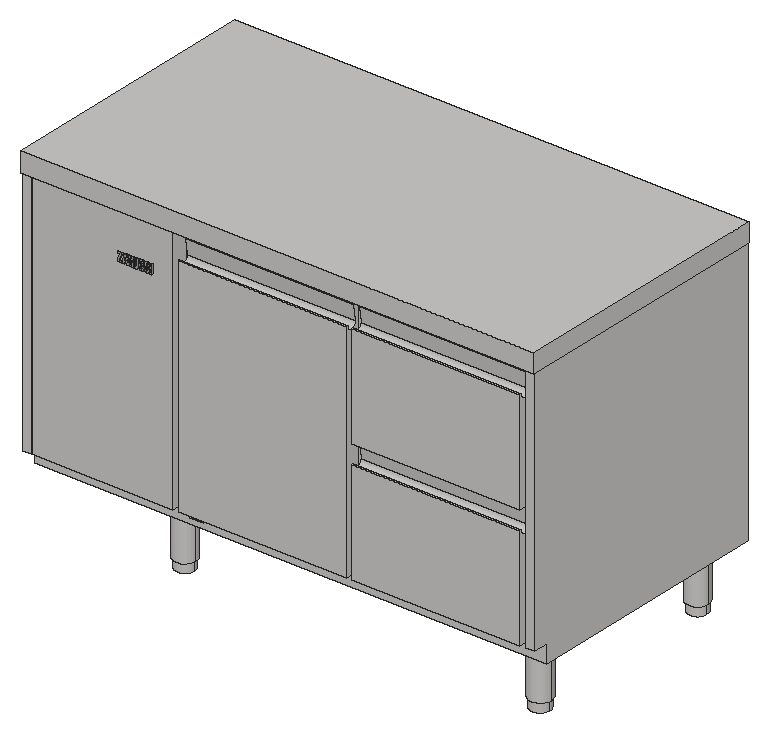
Revit family "QF_ZANUSSI_111025_ZH2HBAB", category Specialty Equipment, Revit 2018
Family settings
  Round Connector Dimension = Use Diameter
  Part Type = Normal
  Work Plane-Based = No
  Always vertical = Yes
  Cut with Voids When Loaded = No
  Shared = No
  Room Calculation Point = No
Parameters
  Weight = 0.00 kg
  Watts = 0.0232258 W
  Volts = 220 V
  URL Manufacturer = "http://www.zanussiprofessional.com/"
  URL = "http://www.zanussiprofessional.com/"
  Steam Supply Size = 0 mm
  Steam Supply Minimum Pressure = 0.0 Pa
  Steam Supply Maximum Pressure = 0.0 Pa
  Steam Pounds per Hour = 0
  Show Logo [instance] = yes
  Show Clearance [instance] = yes
  Refrigeration Suction Line Size = 0 mm
  Refrigeration Liquid Line Size = 0 mm
  Refrigerant Compressor Remote = yes
  Manufacturer = "Zanussi"
  Phase = 1
  Model = "ZH2HBAB"
  Length Actual = 1345 mm  # constant formula
  Item Number = "111025"
  Hot Water Size = 0 mm
  Height Actual = 900 mm  # constant formula
  HP = "0.3 HP"
  Gas Size = 0 mm
  Gas KW = 0
  Gas Input Pressure = 0 W
  Description = "1 DOOR 2 DRAWERS REFRIGER.TABLE 290L"
  Depth Actual = 700 mm  # constant formula
  Cycle = 50 Hz
  Condensate Return Size = 0 mm
  Compressed Air Volume = 0.0 L/s
  Compressed Air Size = 0 mm
  Compressed Air Pressure = 0.0 Pa
  Cold Water Size = 0 mm
  Accessory = yes
Reference planes
  plane 1 "Center X": y = 182.5
  plane 2: z = 0
  plane 3 "Center Y": x = -126.5
  plane 4: y = -62.5
  plane 5: y = 451.5
  plane 6 "BACK": y = 532.5
  plane 7 "FRONT": y = -167.5
  plane 8: x = -452
  plane 9: x = 478
  plane 10: z = 150
  plane 11 "TOP": z = 900
  plane 12: z = 850
  plane 13 "LEFT": x = -797
  plane 14 "RIGHT": x = 544
  plane 15: x = -799
  plane 16: x = 546
Forms (mm)
  Extrusion 1, solid, material "QF_Finishes_Stainless Steel"
    sketch origin (-126.5, 2, 0) x (0, 1, 0) y (0, 0, 1)
      loop
        line (530.5, 150) -> (530.5, 850) -> (-124.5, 850) -> (-124.5, 150) -> (530.5, 150)
    from -670.5 to 670.5
  Extrusion 2, solid, material "QF_Finishes_Stainless Steel"
    sketch origin (-1022.223, -1524, 150) x (-1, 0, 0) y (0, -1, 0)
      loop
        line (-225.223, -1361.5) -> (-250.223, -1361.5) -> (-250.223, -1401.5) -> (-225.223, -1401.5) -> (-225.223, -1361.5)
      loop
        line (-1566.223, -1401.5) -> (-1541.223, -1401.5) -> (-1541.223, -1361.5) -> (-1566.223, -1361.5) -> (-1566.223, -1401.5)
    from 47 to 700
  Extrusion 3, solid, material "QF_Finishes_Stainless Steel"
    sketch origin (0, 0, 900) x (-1, 0, 0) y (0, -1, 0)
      loop
        circle (-57, -94.5) r 8.45
    from -790.577 to -750
  Extrusion 4, solid, material "QF_Finishes_Stainless Steel"
    sketch origin (0, 0, 0) x (1, 0, 0) y (0, 1, 0)
      loop
        circle (-713, 451.5) r 4
    from 109.423 to 150
  Extrusion 5, solid, material "QF_Finishes_Stainless Steel"
    sketch origin (-126.5, 0, 0) x (0, 1, 0) y (0, 0, 1)
      loop
        line (-167.5, 900) -> (-167.5, 850) -> (532.5, 850) -> (532.5, 900) -> (-167.5, 900)
    from 672.5 to -672.5
Cuts and joins
  joined: Extrusion 1, Extrusion 2
Lines and regions (mm)
  symbolic lines, style "SpecialityEquipmentHiddenLines"
    curve 1: line (-799, -122.5, 900) -> (546, -122.5, 900)
    curve 2: line (-396, -167.5, 900) -> (-396, -122.5, 900)
  symbolic lines, style "SpecialityEquipment"
    curve 3: line (-799, 532.5, 900) -> (546, 532.5, 900)
    curve 4: line (-799, 532.5, 900) -> (-799, -167.5, 900)
    curve 5: line (-799, -167.5, 900) -> (546, -167.5, 900)
    curve 6: line (546, -167.5, 900) -> (546, 532.5, 900)
Dimensions and locks
  locked: plane 6 "BACK" to plane 7 "FRONT" at 700
  equal spacing: plane 6 "BACK", plane 1 "Center X", plane 7 "FRONT"
  locked: plane 6 "BACK" to plane 5 at 81
  plane 10 to level = 150 mm
  plane 11 "TOP" to plane 12 to plane 10 = 50 mm locked, 700 mm locked
  locked: Extrusion 2 sketch curve to Extrusion 2 sketch curve at 25  (x2)
  locked: plane 4 to plane 7 "FRONT" at 105
  locked: plane 6 "BACK" to Extrusion 3 sketch curve at 438
  equal spacing: plane 13 "LEFT", plane 3 "Center Y", plane 14 "RIGHT"
  plane 15 to plane 16 = 1345 mm
  locked: plane 13 "LEFT" to plane 8 at 345
  locked: plane 9 to plane 14 "RIGHT" at 66
  locked: Extrusion 3 sketch curve to plane 14 "RIGHT" at 487
  plane 13 "LEFT" to Extrusion 4 sketch curve = 84 mm
  locked: plane 6 "BACK" to Extrusion 4 sketch curve at 81
  locked: plane 10 to Extrusion 4 at 40.577
  aligned and locked: level to plane 2
  aligned and locked: plane 10 to Extrusion 3
  aligned and locked: nested 4 to plane 4
  aligned and locked: nested 1 to plane 4
  aligned and locked: nested 3 to plane 5
  aligned and locked: nested 2 to plane 5
  aligned and locked: plane 8 to nested 1
  aligned and locked: plane 8 to nested 2
  aligned and locked: plane 9 to nested 4
  aligned and locked: plane 9 to nested 3
  aligned and locked: Extrusion 1 to Extrusion 2
  aligned and locked: Extrusion 2 to Extrusion 1
  aligned and locked: Extrusion 2 sketch curve to plane 14 "RIGHT"
  aligned and locked: plane 13 "LEFT" to Extrusion 2 sketch curve
  aligned and locked: cut or joined group of Extrusion 1, Extrusion 2 to plane 10
  aligned and locked: plane 12 to cut or joined group of Extrusion 1, Extrusion 2
  aligned and locked: plane 10 to Extrusion 4
  aligned and locked: Extrusion 5 sketch curve to plane 11 "TOP"
  aligned and locked: plane 7 "FRONT" to Extrusion 5 sketch curve
  aligned and locked: Extrusion 5 sketch curve to cut or joined group of Extrusion 1, Extrusion 2  (x2)
  aligned and locked: Extrusion 5 to curve 3
Automatic sketch dimensions
  plane 7 "FRONT" to Extrusion 2 sketch curve = 45 mm  (x2)
  plane 7 "FRONT" to Extrusion 2 sketch curve = 5 mm  (x2)
  curve 2 to plane 7 "FRONT" = 0 mm
  curve 5 to plane 15 = 0 mm
  curve 3 to plane 6 "BACK" = 0 mm
  plane 8 to curve 2 = 56 mm
  plane 7 "FRONT" to curve 1 = 45 mm
  Extrusion 1 sketch curve to plane 10 = 0 mm
  Extrusion 1 sketch curve to plane 12 = 0 mm
  Extrusion 1 sketch curve to plane 6 "BACK" = 0 mm
  plane 7 "FRONT" to Extrusion 1 sketch curve = 45 mm
  radius of Extrusion 3 sketch curve = 8.45 mm
  radius of Extrusion 4 sketch curve = 4 mm
Nested families
  nested 1: "Foot_Ø50_H150" at (-452, -62.5, 0), type "Foot_Ø50_H150"
  nested 2: "Foot_Ø50_H150" at (-452, 451.5, 0), type "Foot_Ø50_H150"
  nested 3: "Foot_Ø50_H150" at (478, 451.5, 0), type "Foot_Ø50_H150"
  nested 4: "Foot_Ø50_H150" at (478, -62.5, 0), type "Foot_Ø50_H150"
  nested 5: "2 Drawers" at (285, -164.5, 0), Show Clearance <- "Show Clearance", type "2 Drawers"
  nested 6: "Door" at (-169, -164.5, 0) x (-1, 0, 0) z (0, 0, 1), Show Clearance <- "Show Clearance", type "Door"
  nested 7: "Refrigerator" at (544, -167.5, 900), type "Refrigerator"
  nested 8: "ZAN_Cooling Unit" at (-587.5, -164.5, 0), Show Logo <- "Show Logo", type "ZAN_Cooling Unit"
Connectors
  electrical at (-713, 451.5, 109.423), driven by "Volts"
    settings: on Extrusion 4, index 4, voltage 220 V, apparent load 0 VA, apparent load phase1 0 VA, apparent load phase2 0 VA, apparent load phase3 0 VA, power factor 1, load classification "Altro", number of poles 1, system type 30, power factor state 1, is connector primary yes, connector utility no, sub classification motor no, connector description "Electrical Connection"
  piping at (57, 94.5, 109.423), diameter 17
    settings: on Extrusion 3, index 5, connector inside diameter 609.6 mm, connector length 0 mm, flow factor 0, pipe flow 0.0 L/s, pressure drop 0.0 Pa, fitting loss kfactor 0, connector angle 0.00°, fixture units 0, engagement length 0 mm, angle of deflection 0.00°, flow configuration 1, flow direction 2, fitting loss method 0, system type 16, joint type 0, gender type 0, connector reference index -1, connector utility 0, adjustable connector no, is connector primary yes, connector description "Drain"
Definition of nested family "Foot_Ø50_H150"
  Reference planes
    plane 1 "Centro (Fronte/Retro)": y = 0
    plane 2: z = 0
    plane 3 "Centro (Sinistra/Destra)": x = 0
    plane 4: z = 150
  Forms (mm)
    Revolve 1, solid
      sketch origin (255.05, 0, 608.09) x (0, 0, 1) y (-1, 0, 0)
        loop
          line (-608.09, 255.05) -> (-608.09, 230.05) -> (-583.09, 230.05) -> (-583.09, 226.05) -> (-458.09, 226.05) -> (-458.09, 255.05) -> (-608.09, 255.05)
        axis (-608.09, 255.05) -> (-458.09, 255.05)
      angle from 0 to 360
  Dimensions and locks
    locked: Revolve 1 sketch curve to Revolve 1 sketch curve at 125
    aligned and locked: level to plane 2
    aligned and locked: plane 4 to Revolve 1 sketch curve
    aligned and locked: Revolve 1 sketch curve to level
    aligned and locked: plane 3 "Centro (Sinistra/Destra)" to Revolve 1 sketch curve
Definition of nested family "2 Drawers"
  Parameters
    Show Clearance [instance] = yes
  Reference planes
    plane 1 "FRONT": y = -3
    plane 2: z = 0
    plane 3 "Centro (Sinistra/Destra)": x = 0
    plane 4: z = 150
    plane 5: z = 850
    plane 6: x = -234
    plane 7: x = 234
    plane 8: x = -220
    plane 9: x = 220
  Forms (mm)
    Extrusion 1, solid
      sketch origin (0, 55, 511) x (0, 0, 1) y (0, -1, 0)
        loop
          line (314, 18) -> (314, 29) -> (274.395, 22.5)
          arc (274.395, 22.5) -> (260.395, 36.5) -> (274.395, 50.5) r 14
          line (274.395, 50.5) -> (274.395, 53) -> (5, 53) -> (5, 18) -> (314, 18)
        loop
          line (-5, 29) -> (-44.605, 22.5)
          arc (-44.605, 22.5) -> (-58.605, 36.5) -> (-44.605, 50.5) r 14
          line (-44.605, 50.5) -> (-44.605, 53) -> (-314, 53) -> (-314, 18) -> (-5, 18) -> (-5, 29)
      from -220 to 220
    Extrusion 2, solid, visible <- "Show Clearance", detail levels coarse
      sketch origin (0, -462, 511) x (0, 0, 1) y (0, -1, 0)
        loop
          line (-314, 109) -> (-314, -464) -> (-5, -464) -> (-5, 109) -> (-314, 109)
        loop
          line (314, -464) -> (314, 109) -> (5, 109) -> (5, -464) -> (314, -464)
      from -220 to 220
  Lines and regions (mm)
    symbolic lines
      curve 1: line (-190, -3, 0) -> (-190, -88, 0)
      curve 2: line (190, -88, 0) -> (190, -3, 0)
      curve 3: line (220, -88, 0) -> (-220, -88, 0)
      curve 4: line (-220, -88, 0) -> (-220, -123, 0)
      curve 5: line (-220, -123, 0) -> (220, -123, 0)
      curve 6: line (220, -123, 0) -> (220, -88, 0)
      curve 7: line (-190, -123, 0) -> (-190, -208, 0)
      curve 8: line (220, -208, 0) -> (-220, -208, 0)
      curve 9: line (-220, -208, 0) -> (-220, -243, 0)
      curve 10: line (-220, -243, 0) -> (220, -243, 0)
      curve 11: line (220, -243, 0) -> (220, -208, 0)
      curve 12: line (190, -208, 0) -> (190, -123, 0)
  Dimensions and locks
    aligned and locked: level to plane 2
Definition of nested family "Door"
  Parameters
    Show Clearance [instance] = yes
  Reference planes
    plane 1 "FRONT": y = -3
    plane 2: z = 0
    plane 3 "Centro (Sinistra/Destra)": x = 0
    plane 4: z = 150
    plane 5: z = 850
    plane 6: x = -234
    plane 7: x = 234
    plane 8: x = -220
    plane 9: x = 220
  Forms (mm)
    Extrusion 1, solid
      sketch origin (0, 53, 511) x (0, 0, 1) y (0, -1, 0)
        loop
          line (-323.003, 28.5) -> (-316.501, 28.5) -> (-316.501, 31) -> (-325.503, 31) -> (-325.503, 13.5) -> (-345.503, 13.5) -> (-345.503, 11) -> (-323.003, 11) -> (-323.003, 23.259) -> (-323.003, 28.5)
        loop
          line (-314, 27) -> (-316.501, 27) -> (-316.501, 18.501) -> (-319.752, 18.501) -> (-319.752, 16) -> (-314, 16) -> (-314, 27)
        loop
          line (315.003, 27) -> (315.003, 13.948) -> (315.003, 11) -> (327.503, 11) -> (327.503, 13.5) -> (317.503, 13.5) -> (317.503, 27) -> (315.003, 27)
      from 185 to 220
    Extrusion 2, solid, visible <- "Show Clearance", detail levels coarse
      sketch origin (0, 53, 511) x (0, -1, 0) y (1, 0, 0)
        loop
          line (51, 220) -> (51, -220)
          arc (51, -220) -> (339.234, -79.44) -> (454, 220) r 437.168
          line (454, 220) -> (51, 220)
      from -314 to 314
    Extrusion 3, solid
      sketch origin (0, 55, 511) x (0, 0, 1) y (0, -1, 0)
        loop
          line (314, 18) -> (314, 29) -> (274.395, 22.5)
          arc (274.395, 22.5) -> (260.395, 36.5) -> (274.395, 50.5) r 14
          line (274.395, 50.5) -> (274.395, 53) -> (-314, 53) -> (-314, 18) -> (314, 18)
      from -220 to 220
  Lines and regions (mm)
    symbolic lines
      curve 1: line (220, -3, 0) -> (220, -401, 0)
      curve 2: line (220, -401, 0) -> (185, -401, 0)
      curve 3: line (185, -401, 0) -> (185, -3, 0)
      curve 4: arc (-219.722, -3, 0) -> (-89.51, -275.368, 0) -> (185, -401, 0) r 442.855
  Dimensions and locks
    aligned and locked: level to plane 2
Definition of nested family "ZAN_Cooling Unit"
  Parameters
    Show Logo [instance] = yes
  Reference planes
    plane 1 "FRONT": y = -3
    plane 2: z = 0
    plane 3 "Centro (Sinistra/Destra)": x = 0
    plane 4: z = 150
    plane 5: z = 850
    plane 6: x = -184.5
    plane 7: x = 184.5
  Forms (mm)
    Extrusion 1, solid
      sketch origin (0, 55, 511) x (0, 0, 1) y (0, -1, 0)
        loop
          line (-314, 53) -> (-314, 13) -> (339, 13) -> (339, 53) -> (-314, 53)
      from -184.5 to 184.5
  Lines and regions (mm)
    Split face 1
      outline origin (0, 2, 197) x (0, 0, 1) y (-1, 0, 0)
        loop
          line (566.835, 184.5) -> (566.835, -184.5)
        loop
          line (521.835, 184.5) -> (521.835, -184.5)
    Split face 2
      outline origin (0, 2, 197) x (0, 0, 1) y (-1, 0, 0)
        loop
          arc (510.649, 158.547) -> (506.648, 162.548) -> (502.647, 158.547) r 4.001
          line (502.647, 158.547) -> (502.647, 116.535)
          arc (502.647, 116.535) -> (506.648, 112.533) -> (510.649, 116.535) r 4.001
          line (510.649, 116.535) -> (510.649, 158.547)
    Split face 3
      outline origin (0, 2, 184.996) x (0, 0, 1) y (-1, 0, 0)
        loop
          arc (510.649, 158.547) -> (506.648, 162.548) -> (502.647, 158.547) r 4.001
          line (502.647, 158.547) -> (502.647, 116.535)
          arc (502.647, 116.535) -> (506.648, 112.533) -> (510.649, 116.535) r 4.001
          line (510.649, 116.535) -> (510.649, 158.547)
    Split face 4
      outline origin (0, 2, 172.993) x (0, 0, 1) y (-1, 0, 0)
        loop
          arc (510.649, 158.547) -> (506.648, 162.548) -> (502.647, 158.547) r 4.001
          line (502.647, 158.547) -> (502.647, 116.535)
          arc (502.647, 116.535) -> (506.648, 112.533) -> (510.649, 116.535) r 4.001
          line (510.649, 116.535) -> (510.649, 158.547)
    Split face 5
      outline origin (0, 2, 160.989) x (0, 0, 1) y (-1, 0, 0)
        loop
          arc (510.649, 158.547) -> (506.648, 162.548) -> (502.647, 158.547) r 4.001
          line (502.647, 158.547) -> (502.647, 116.535)
          arc (502.647, 116.535) -> (506.648, 112.533) -> (510.649, 116.535) r 4.001
          line (510.649, 116.535) -> (510.649, 158.547)
    Split face 6
      outline origin (0, 2, 148.986) x (0, 0, 1) y (-1, 0, 0)
        loop
          arc (510.649, 158.547) -> (506.648, 162.548) -> (502.647, 158.547) r 4.001
          line (502.647, 158.547) -> (502.647, 116.535)
          arc (502.647, 116.535) -> (506.648, 112.533) -> (510.649, 116.535) r 4.001
          line (510.649, 116.535) -> (510.649, 158.547)
    Split face 7
      outline origin (0, 2, 136.982) x (0, 0, 1) y (-1, 0, 0)
        loop
          arc (510.649, 158.547) -> (506.648, 162.548) -> (502.647, 158.547) r 4.001
          line (502.647, 158.547) -> (502.647, 116.535)
          arc (502.647, 116.535) -> (506.648, 112.533) -> (510.649, 116.535) r 4.001
          line (510.649, 116.535) -> (510.649, 158.547)
    Split face 8
      outline origin (0, 2, 124.979) x (0, 0, 1) y (-1, 0, 0)
        loop
          arc (510.649, 158.547) -> (506.648, 162.548) -> (502.647, 158.547) r 4.001
          line (502.647, 158.547) -> (502.647, 116.535)
          arc (502.647, 116.535) -> (506.648, 112.533) -> (510.649, 116.535) r 4.001
          line (510.649, 116.535) -> (510.649, 158.547)
    Split face 9
      outline origin (0, 2, 112.975) x (0, 0, 1) y (-1, 0, 0)
        loop
          arc (510.649, 158.547) -> (506.648, 162.548) -> (502.647, 158.547) r 4.001
          line (502.647, 158.547) -> (502.647, 116.535)
          arc (502.647, 116.535) -> (506.648, 112.533) -> (510.649, 116.535) r 4.001
          line (510.649, 116.535) -> (510.649, 158.547)
    Split face 10
      outline origin (0, 2, 100.972) x (0, 0, 1) y (-1, 0, 0)
        loop
          arc (510.649, 158.547) -> (506.648, 162.548) -> (502.647, 158.547) r 4.001
          line (502.647, 158.547) -> (502.647, 116.535)
          arc (502.647, 116.535) -> (506.648, 112.533) -> (510.649, 116.535) r 4.001
          line (510.649, 116.535) -> (510.649, 158.547)
    Split face 11
      outline origin (0, 2, 88.968) x (0, 0, 1) y (-1, 0, 0)
        loop
          arc (510.649, 158.547) -> (506.648, 162.548) -> (502.647, 158.547) r 4.001
          line (502.647, 158.547) -> (502.647, 116.535)
          arc (502.647, 116.535) -> (506.648, 112.533) -> (510.649, 116.535) r 4.001
          line (510.649, 116.535) -> (510.649, 158.547)
    Split face 12
      outline origin (0, 2, 76.965) x (0, 0, 1) y (-1, 0, 0)
        loop
          arc (510.649, 158.547) -> (506.648, 162.548) -> (502.647, 158.547) r 4.001
          line (502.647, 158.547) -> (502.647, 116.535)
          arc (502.647, 116.535) -> (506.648, 112.533) -> (510.649, 116.535) r 4.001
          line (510.649, 116.535) -> (510.649, 158.547)
    Split face 13
      outline origin (0, 2, 64.961) x (0, 0, 1) y (-1, 0, 0)
        loop
          arc (510.649, 158.547) -> (506.648, 162.548) -> (502.647, 158.547) r 4.001
          line (502.647, 158.547) -> (502.647, 116.535)
          arc (502.647, 116.535) -> (506.648, 112.533) -> (510.649, 116.535) r 4.001
          line (510.649, 116.535) -> (510.649, 158.547)
    Split face 14
      outline origin (0, 2, 52.958) x (0, 0, 1) y (-1, 0, 0)
        loop
          arc (510.649, 158.547) -> (506.648, 162.548) -> (502.647, 158.547) r 4.001
          line (502.647, 158.547) -> (502.647, 116.535)
          arc (502.647, 116.535) -> (506.648, 112.533) -> (510.649, 116.535) r 4.001
          line (510.649, 116.535) -> (510.649, 158.547)
    Split face 15
      outline origin (0, 2, 40.954) x (0, 0, 1) y (-1, 0, 0)
        loop
          arc (510.649, 158.547) -> (506.648, 162.548) -> (502.647, 158.547) r 4.001
          line (502.647, 158.547) -> (502.647, 116.535)
          arc (502.647, 116.535) -> (506.648, 112.533) -> (510.649, 116.535) r 4.001
          line (510.649, 116.535) -> (510.649, 158.547)
    Split face 16
      outline origin (0, 2, 28.951) x (0, 0, 1) y (-1, 0, 0)
        loop
          arc (510.649, 158.547) -> (506.648, 162.548) -> (502.647, 158.547) r 4.001
          line (502.647, 158.547) -> (502.647, 116.535)
          arc (502.647, 116.535) -> (506.648, 112.533) -> (510.649, 116.535) r 4.001
          line (510.649, 116.535) -> (510.649, 158.547)
    Split face 17
      outline origin (0, 2, 16.947) x (0, 0, 1) y (-1, 0, 0)
        loop
          arc (510.649, 158.547) -> (506.648, 162.548) -> (502.647, 158.547) r 4.001
          line (502.647, 158.547) -> (502.647, 116.535)
          arc (502.647, 116.535) -> (506.648, 112.533) -> (510.649, 116.535) r 4.001
          line (510.649, 116.535) -> (510.649, 158.547)
    Split face 18
      outline origin (55.016, 2, 197) x (0, 0, 1) y (-1, 0, 0)
        loop
          arc (510.649, 158.547) -> (506.648, 162.548) -> (502.647, 158.547) r 4.001
          line (502.647, 158.547) -> (502.647, 116.535)
          arc (502.647, 116.535) -> (506.648, 112.533) -> (510.649, 116.535) r 4.001
          line (510.649, 116.535) -> (510.649, 158.547)
    Split face 19
      outline origin (55.016, 2, 184.996) x (0, 0, 1) y (-1, 0, 0)
        loop
          arc (510.649, 158.547) -> (506.648, 162.548) -> (502.647, 158.547) r 4.001
          line (502.647, 158.547) -> (502.647, 116.535)
          arc (502.647, 116.535) -> (506.648, 112.533) -> (510.649, 116.535) r 4.001
          line (510.649, 116.535) -> (510.649, 158.547)
    Split face 20
      outline origin (55.016, 2, 172.993) x (0, 0, 1) y (-1, 0, 0)
        loop
          arc (510.649, 158.547) -> (506.648, 162.548) -> (502.647, 158.547) r 4.001
          line (502.647, 158.547) -> (502.647, 116.535)
          arc (502.647, 116.535) -> (506.648, 112.533) -> (510.649, 116.535) r 4.001
          line (510.649, 116.535) -> (510.649, 158.547)
    Split face 21
      outline origin (55.016, 2, 160.989) x (0, 0, 1) y (-1, 0, 0)
        loop
          arc (510.649, 158.547) -> (506.648, 162.548) -> (502.647, 158.547) r 4.001
          line (502.647, 158.547) -> (502.647, 116.535)
          arc (502.647, 116.535) -> (506.648, 112.533) -> (510.649, 116.535) r 4.001
          line (510.649, 116.535) -> (510.649, 158.547)
    Split face 22
      outline origin (55.016, 2, 148.986) x (0, 0, 1) y (-1, 0, 0)
        loop
          arc (510.649, 158.547) -> (506.648, 162.548) -> (502.647, 158.547) r 4.001
          line (502.647, 158.547) -> (502.647, 116.535)
          arc (502.647, 116.535) -> (506.648, 112.533) -> (510.649, 116.535) r 4.001
          line (510.649, 116.535) -> (510.649, 158.547)
    Split face 23
      outline origin (55.016, 2, 136.982) x (0, 0, 1) y (-1, 0, 0)
        loop
          arc (510.649, 158.547) -> (506.648, 162.548) -> (502.647, 158.547) r 4.001
          line (502.647, 158.547) -> (502.647, 116.535)
          arc (502.647, 116.535) -> (506.648, 112.533) -> (510.649, 116.535) r 4.001
          line (510.649, 116.535) -> (510.649, 158.547)
    Split face 24
      outline origin (55.016, 2, 124.979) x (0, 0, 1) y (-1, 0, 0)
        loop
          arc (510.649, 158.547) -> (506.648, 162.548) -> (502.647, 158.547) r 4.001
          line (502.647, 158.547) -> (502.647, 116.535)
          arc (502.647, 116.535) -> (506.648, 112.533) -> (510.649, 116.535) r 4.001
          line (510.649, 116.535) -> (510.649, 158.547)
    Split face 25
      outline origin (55.016, 2, 112.975) x (0, 0, 1) y (-1, 0, 0)
        loop
          arc (510.649, 158.547) -> (506.648, 162.548) -> (502.647, 158.547) r 4.001
          line (502.647, 158.547) -> (502.647, 116.535)
          arc (502.647, 116.535) -> (506.648, 112.533) -> (510.649, 116.535) r 4.001
          line (510.649, 116.535) -> (510.649, 158.547)
    Split face 26
      outline origin (55.016, 2, 100.972) x (0, 0, 1) y (-1, 0, 0)
        loop
          arc (510.649, 158.547) -> (506.648, 162.548) -> (502.647, 158.547) r 4.001
          line (502.647, 158.547) -> (502.647, 116.535)
          arc (502.647, 116.535) -> (506.648, 112.533) -> (510.649, 116.535) r 4.001
          line (510.649, 116.535) -> (510.649, 158.547)
    Split face 27
      outline origin (55.016, 2, 88.968) x (0, 0, 1) y (-1, 0, 0)
        loop
          arc (510.649, 158.547) -> (506.648, 162.548) -> (502.647, 158.547) r 4.001
          line (502.647, 158.547) -> (502.647, 116.535)
          arc (502.647, 116.535) -> (506.648, 112.533) -> (510.649, 116.535) r 4.001
          line (510.649, 116.535) -> (510.649, 158.547)
    Split face 28
      outline origin (55.016, 2, 76.965) x (0, 0, 1) y (-1, 0, 0)
        loop
          arc (510.649, 158.547) -> (506.648, 162.548) -> (502.647, 158.547) r 4.001
          line (502.647, 158.547) -> (502.647, 116.535)
          arc (502.647, 116.535) -> (506.648, 112.533) -> (510.649, 116.535) r 4.001
          line (510.649, 116.535) -> (510.649, 158.547)
    Split face 29
      outline origin (55.016, 2, 64.961) x (0, 0, 1) y (-1, 0, 0)
        loop
          arc (510.649, 158.547) -> (506.648, 162.548) -> (502.647, 158.547) r 4.001
          line (502.647, 158.547) -> (502.647, 116.535)
          arc (502.647, 116.535) -> (506.648, 112.533) -> (510.649, 116.535) r 4.001
          line (510.649, 116.535) -> (510.649, 158.547)
    Split face 30
      outline origin (55.016, 2, 52.958) x (0, 0, 1) y (-1, 0, 0)
        loop
          arc (510.649, 158.547) -> (506.648, 162.548) -> (502.647, 158.547) r 4.001
          line (502.647, 158.547) -> (502.647, 116.535)
          arc (502.647, 116.535) -> (506.648, 112.533) -> (510.649, 116.535) r 4.001
          line (510.649, 116.535) -> (510.649, 158.547)
    Split face 31
      outline origin (55.016, 2, 40.954) x (0, 0, 1) y (-1, 0, 0)
        loop
          arc (510.649, 158.547) -> (506.648, 162.548) -> (502.647, 158.547) r 4.001
          line (502.647, 158.547) -> (502.647, 116.535)
          arc (502.647, 116.535) -> (506.648, 112.533) -> (510.649, 116.535) r 4.001
          line (510.649, 116.535) -> (510.649, 158.547)
    Split face 32
      outline origin (55.016, 2, 28.951) x (0, 0, 1) y (-1, 0, 0)
        loop
          arc (510.649, 158.547) -> (506.648, 162.548) -> (502.647, 158.547) r 4.001
          line (502.647, 158.547) -> (502.647, 116.535)
          arc (502.647, 116.535) -> (506.648, 112.533) -> (510.649, 116.535) r 4.001
          line (510.649, 116.535) -> (510.649, 158.547)
    Split face 33
      outline origin (55.016, 2, 16.947) x (0, 0, 1) y (-1, 0, 0)
        loop
          arc (510.649, 158.547) -> (506.648, 162.548) -> (502.647, 158.547) r 4.001
          line (502.647, 158.547) -> (502.647, 116.535)
          arc (502.647, 116.535) -> (506.648, 112.533) -> (510.649, 116.535) r 4.001
          line (510.649, 116.535) -> (510.649, 158.547)
    Split face 34
      outline origin (110.032, 2, 197) x (0, 0, 1) y (-1, 0, 0)
        loop
          arc (510.649, 158.547) -> (506.648, 162.548) -> (502.647, 158.547) r 4.001
          line (502.647, 158.547) -> (502.647, 116.535)
          arc (502.647, 116.535) -> (506.648, 112.533) -> (510.649, 116.535) r 4.001
          line (510.649, 116.535) -> (510.649, 158.547)
    Split face 35
      outline origin (110.032, 2, 184.996) x (0, 0, 1) y (-1, 0, 0)
        loop
          arc (510.649, 158.547) -> (506.648, 162.548) -> (502.647, 158.547) r 4.001
          line (502.647, 158.547) -> (502.647, 116.535)
          arc (502.647, 116.535) -> (506.648, 112.533) -> (510.649, 116.535) r 4.001
          line (510.649, 116.535) -> (510.649, 158.547)
    Split face 36
      outline origin (110.032, 2, 172.993) x (0, 0, 1) y (-1, 0, 0)
        loop
          arc (510.649, 158.547) -> (506.648, 162.548) -> (502.647, 158.547) r 4.001
          line (502.647, 158.547) -> (502.647, 116.535)
          arc (502.647, 116.535) -> (506.648, 112.533) -> (510.649, 116.535) r 4.001
          line (510.649, 116.535) -> (510.649, 158.547)
    Split face 37
      outline origin (110.032, 2, 160.989) x (0, 0, 1) y (-1, 0, 0)
        loop
          arc (510.649, 158.547) -> (506.648, 162.548) -> (502.647, 158.547) r 4.001
          line (502.647, 158.547) -> (502.647, 116.535)
          arc (502.647, 116.535) -> (506.648, 112.533) -> (510.649, 116.535) r 4.001
          line (510.649, 116.535) -> (510.649, 158.547)
    Split face 38
      outline origin (110.032, 2, 148.986) x (0, 0, 1) y (-1, 0, 0)
        loop
          arc (510.649, 158.547) -> (506.648, 162.548) -> (502.647, 158.547) r 4.001
          line (502.647, 158.547) -> (502.647, 116.535)
          arc (502.647, 116.535) -> (506.648, 112.533) -> (510.649, 116.535) r 4.001
          line (510.649, 116.535) -> (510.649, 158.547)
    Split face 39
      outline origin (110.032, 2, 136.982) x (0, 0, 1) y (-1, 0, 0)
        loop
          arc (510.649, 158.547) -> (506.648, 162.548) -> (502.647, 158.547) r 4.001
          line (502.647, 158.547) -> (502.647, 116.535)
          arc (502.647, 116.535) -> (506.648, 112.533) -> (510.649, 116.535) r 4.001
          line (510.649, 116.535) -> (510.649, 158.547)
    Split face 40
      outline origin (110.032, 2, 124.979) x (0, 0, 1) y (-1, 0, 0)
        loop
          arc (510.649, 158.547) -> (506.648, 162.548) -> (502.647, 158.547) r 4.001
          line (502.647, 158.547) -> (502.647, 116.535)
          arc (502.647, 116.535) -> (506.648, 112.533) -> (510.649, 116.535) r 4.001
          line (510.649, 116.535) -> (510.649, 158.547)
    Split face 41
      outline origin (110.032, 2, 112.975) x (0, 0, 1) y (-1, 0, 0)
        loop
          arc (510.649, 158.547) -> (506.648, 162.548) -> (502.647, 158.547) r 4.001
          line (502.647, 158.547) -> (502.647, 116.535)
          arc (502.647, 116.535) -> (506.648, 112.533) -> (510.649, 116.535) r 4.001
          line (510.649, 116.535) -> (510.649, 158.547)
    Split face 42
      outline origin (110.032, 2, 100.972) x (0, 0, 1) y (-1, 0, 0)
        loop
          arc (510.649, 158.547) -> (506.648, 162.548) -> (502.647, 158.547) r 4.001
          line (502.647, 158.547) -> (502.647, 116.535)
          arc (502.647, 116.535) -> (506.648, 112.533) -> (510.649, 116.535) r 4.001
          line (510.649, 116.535) -> (510.649, 158.547)
    Split face 43
      outline origin (110.032, 2, 88.968) x (0, 0, 1) y (-1, 0, 0)
        loop
          arc (510.649, 158.547) -> (506.648, 162.548) -> (502.647, 158.547) r 4.001
          line (502.647, 158.547) -> (502.647, 116.535)
          arc (502.647, 116.535) -> (506.648, 112.533) -> (510.649, 116.535) r 4.001
          line (510.649, 116.535) -> (510.649, 158.547)
    Split face 44
      outline origin (110.032, 2, 76.965) x (0, 0, 1) y (-1, 0, 0)
        loop
          arc (510.649, 158.547) -> (506.648, 162.548) -> (502.647, 158.547) r 4.001
          line (502.647, 158.547) -> (502.647, 116.535)
          arc (502.647, 116.535) -> (506.648, 112.533) -> (510.649, 116.535) r 4.001
          line (510.649, 116.535) -> (510.649, 158.547)
    Split face 45
      outline origin (110.032, 2, 64.961) x (0, 0, 1) y (-1, 0, 0)
        loop
          arc (510.649, 158.547) -> (506.648, 162.548) -> (502.647, 158.547) r 4.001
          line (502.647, 158.547) -> (502.647, 116.535)
          arc (502.647, 116.535) -> (506.648, 112.533) -> (510.649, 116.535) r 4.001
          line (510.649, 116.535) -> (510.649, 158.547)
    Split face 46
      outline origin (110.032, 2, 52.958) x (0, 0, 1) y (-1, 0, 0)
        loop
          arc (510.649, 158.547) -> (506.648, 162.548) -> (502.647, 158.547) r 4.001
          line (502.647, 158.547) -> (502.647, 116.535)
          arc (502.647, 116.535) -> (506.648, 112.533) -> (510.649, 116.535) r 4.001
          line (510.649, 116.535) -> (510.649, 158.547)
    Split face 47
      outline origin (110.032, 2, 40.954) x (0, 0, 1) y (-1, 0, 0)
        loop
          arc (510.649, 158.547) -> (506.648, 162.548) -> (502.647, 158.547) r 4.001
          line (502.647, 158.547) -> (502.647, 116.535)
          arc (502.647, 116.535) -> (506.648, 112.533) -> (510.649, 116.535) r 4.001
          line (510.649, 116.535) -> (510.649, 158.547)
    Split face 48
      outline origin (110.032, 2, 28.951) x (0, 0, 1) y (-1, 0, 0)
        loop
          arc (510.649, 158.547) -> (506.648, 162.548) -> (502.647, 158.547) r 4.001
          line (502.647, 158.547) -> (502.647, 116.535)
          arc (502.647, 116.535) -> (506.648, 112.533) -> (510.649, 116.535) r 4.001
          line (510.649, 116.535) -> (510.649, 158.547)
    Split face 49
      outline origin (110.032, 2, 16.947) x (0, 0, 1) y (-1, 0, 0)
        loop
          arc (510.649, 158.547) -> (506.648, 162.548) -> (502.647, 158.547) r 4.001
          line (502.647, 158.547) -> (502.647, 116.535)
          arc (502.647, 116.535) -> (506.648, 112.533) -> (510.649, 116.535) r 4.001
          line (510.649, 116.535) -> (510.649, 158.547)
    Split face 50
      outline origin (165.048, 2, 197) x (0, 0, 1) y (-1, 0, 0)
        loop
          arc (510.649, 158.547) -> (506.648, 162.548) -> (502.647, 158.547) r 4.001
          line (502.647, 158.547) -> (502.647, 116.535)
          arc (502.647, 116.535) -> (506.648, 112.533) -> (510.649, 116.535) r 4.001
          line (510.649, 116.535) -> (510.649, 158.547)
    Split face 51
      outline origin (165.048, 2, 184.996) x (0, 0, 1) y (-1, 0, 0)
        loop
          arc (510.649, 158.547) -> (506.648, 162.548) -> (502.647, 158.547) r 4.001
          line (502.647, 158.547) -> (502.647, 116.535)
          arc (502.647, 116.535) -> (506.648, 112.533) -> (510.649, 116.535) r 4.001
          line (510.649, 116.535) -> (510.649, 158.547)
    Split face 52
      outline origin (165.048, 2, 172.993) x (0, 0, 1) y (-1, 0, 0)
        loop
          arc (510.649, 158.547) -> (506.648, 162.548) -> (502.647, 158.547) r 4.001
          line (502.647, 158.547) -> (502.647, 116.535)
          arc (502.647, 116.535) -> (506.648, 112.533) -> (510.649, 116.535) r 4.001
          line (510.649, 116.535) -> (510.649, 158.547)
    Split face 53
      outline origin (165.048, 2, 160.989) x (0, 0, 1) y (-1, 0, 0)
        loop
          arc (510.649, 158.547) -> (506.648, 162.548) -> (502.647, 158.547) r 4.001
          line (502.647, 158.547) -> (502.647, 116.535)
          arc (502.647, 116.535) -> (506.648, 112.533) -> (510.649, 116.535) r 4.001
          line (510.649, 116.535) -> (510.649, 158.547)
    Split face 54
      outline origin (165.048, 2, 148.986) x (0, 0, 1) y (-1, 0, 0)
        loop
          arc (510.649, 158.547) -> (506.648, 162.548) -> (502.647, 158.547) r 4.001
          line (502.647, 158.547) -> (502.647, 116.535)
          arc (502.647, 116.535) -> (506.648, 112.533) -> (510.649, 116.535) r 4.001
          line (510.649, 116.535) -> (510.649, 158.547)
    Split face 55
      outline origin (165.048, 2, 136.982) x (0, 0, 1) y (-1, 0, 0)
        loop
          arc (510.649, 158.547) -> (506.648, 162.548) -> (502.647, 158.547) r 4.001
          line (502.647, 158.547) -> (502.647, 116.535)
          arc (502.647, 116.535) -> (506.648, 112.533) -> (510.649, 116.535) r 4.001
          line (510.649, 116.535) -> (510.649, 158.547)
    Split face 56
      outline origin (165.048, 2, 124.979) x (0, 0, 1) y (-1, 0, 0)
        loop
          arc (510.649, 158.547) -> (506.648, 162.548) -> (502.647, 158.547) r 4.001
          line (502.647, 158.547) -> (502.647, 116.535)
          arc (502.647, 116.535) -> (506.648, 112.533) -> (510.649, 116.535) r 4.001
          line (510.649, 116.535) -> (510.649, 158.547)
    Split face 57
      outline origin (165.048, 2, 112.975) x (0, 0, 1) y (-1, 0, 0)
        loop
          arc (510.649, 158.547) -> (506.648, 162.548) -> (502.647, 158.547) r 4.001
          line (502.647, 158.547) -> (502.647, 116.535)
          arc (502.647, 116.535) -> (506.648, 112.533) -> (510.649, 116.535) r 4.001
          line (510.649, 116.535) -> (510.649, 158.547)
    Split face 58
      outline origin (165.048, 2, 100.972) x (0, 0, 1) y (-1, 0, 0)
        loop
          arc (510.649, 158.547) -> (506.648, 162.548) -> (502.647, 158.547) r 4.001
          line (502.647, 158.547) -> (502.647, 116.535)
          arc (502.647, 116.535) -> (506.648, 112.533) -> (510.649, 116.535) r 4.001
          line (510.649, 116.535) -> (510.649, 158.547)
    Split face 59
      outline origin (165.048, 2, 88.968) x (0, 0, 1) y (-1, 0, 0)
        loop
          arc (510.649, 158.547) -> (506.648, 162.548) -> (502.647, 158.547) r 4.001
          line (502.647, 158.547) -> (502.647, 116.535)
          arc (502.647, 116.535) -> (506.648, 112.533) -> (510.649, 116.535) r 4.001
          line (510.649, 116.535) -> (510.649, 158.547)
    Split face 60
      outline origin (165.048, 2, 76.965) x (0, 0, 1) y (-1, 0, 0)
        loop
          arc (510.649, 158.547) -> (506.648, 162.548) -> (502.647, 158.547) r 4.001
          line (502.647, 158.547) -> (502.647, 116.535)
          arc (502.647, 116.535) -> (506.648, 112.533) -> (510.649, 116.535) r 4.001
          line (510.649, 116.535) -> (510.649, 158.547)
    Split face 61
      outline origin (165.048, 2, 64.961) x (0, 0, 1) y (-1, 0, 0)
        loop
          arc (510.649, 158.547) -> (506.648, 162.548) -> (502.647, 158.547) r 4.001
          line (502.647, 158.547) -> (502.647, 116.535)
          arc (502.647, 116.535) -> (506.648, 112.533) -> (510.649, 116.535) r 4.001
          line (510.649, 116.535) -> (510.649, 158.547)
    Split face 62
      outline origin (165.048, 2, 52.958) x (0, 0, 1) y (-1, 0, 0)
        loop
          arc (510.649, 158.547) -> (506.648, 162.548) -> (502.647, 158.547) r 4.001
          line (502.647, 158.547) -> (502.647, 116.535)
          arc (502.647, 116.535) -> (506.648, 112.533) -> (510.649, 116.535) r 4.001
          line (510.649, 116.535) -> (510.649, 158.547)
    Split face 63
      outline origin (165.048, 2, 40.954) x (0, 0, 1) y (-1, 0, 0)
        loop
          arc (510.649, 158.547) -> (506.648, 162.548) -> (502.647, 158.547) r 4.001
          line (502.647, 158.547) -> (502.647, 116.535)
          arc (502.647, 116.535) -> (506.648, 112.533) -> (510.649, 116.535) r 4.001
          line (510.649, 116.535) -> (510.649, 158.547)
    Split face 64
      outline origin (165.048, 2, 28.951) x (0, 0, 1) y (-1, 0, 0)
        loop
          arc (510.649, 158.547) -> (506.648, 162.548) -> (502.647, 158.547) r 4.001
          line (502.647, 158.547) -> (502.647, 116.535)
          arc (502.647, 116.535) -> (506.648, 112.533) -> (510.649, 116.535) r 4.001
          line (510.649, 116.535) -> (510.649, 158.547)
    Split face 65
      outline origin (165.048, 2, 16.947) x (0, 0, 1) y (-1, 0, 0)
        loop
          arc (510.649, 158.547) -> (506.648, 162.548) -> (502.647, 158.547) r 4.001
          line (502.647, 158.547) -> (502.647, 116.535)
          arc (502.647, 116.535) -> (506.648, 112.533) -> (510.649, 116.535) r 4.001
          line (510.649, 116.535) -> (510.649, 158.547)
    Split face 66
      outline origin (220.064, 2, 197) x (0, 0, 1) y (-1, 0, 0)
        loop
          arc (510.649, 158.547) -> (506.648, 162.548) -> (502.647, 158.547) r 4.001
          line (502.647, 158.547) -> (502.647, 116.535)
          arc (502.647, 116.535) -> (506.648, 112.533) -> (510.649, 116.535) r 4.001
          line (510.649, 116.535) -> (510.649, 158.547)
    Split face 67
      outline origin (220.064, 2, 184.996) x (0, 0, 1) y (-1, 0, 0)
        loop
          arc (510.649, 158.547) -> (506.648, 162.548) -> (502.647, 158.547) r 4.001
          line (502.647, 158.547) -> (502.647, 116.535)
          arc (502.647, 116.535) -> (506.648, 112.533) -> (510.649, 116.535) r 4.001
          line (510.649, 116.535) -> (510.649, 158.547)
    Split face 68
      outline origin (220.064, 2, 172.993) x (0, 0, 1) y (-1, 0, 0)
        loop
          arc (510.649, 158.547) -> (506.648, 162.548) -> (502.647, 158.547) r 4.001
          line (502.647, 158.547) -> (502.647, 116.535)
          arc (502.647, 116.535) -> (506.648, 112.533) -> (510.649, 116.535) r 4.001
          line (510.649, 116.535) -> (510.649, 158.547)
    Split face 69
      outline origin (220.064, 2, 160.989) x (0, 0, 1) y (-1, 0, 0)
        loop
          arc (510.649, 158.547) -> (506.648, 162.548) -> (502.647, 158.547) r 4.001
          line (502.647, 158.547) -> (502.647, 116.535)
          arc (502.647, 116.535) -> (506.648, 112.533) -> (510.649, 116.535) r 4.001
          line (510.649, 116.535) -> (510.649, 158.547)
    Split face 70
      outline origin (220.064, 2, 148.986) x (0, 0, 1) y (-1, 0, 0)
        loop
          arc (510.649, 158.547) -> (506.648, 162.548) -> (502.647, 158.547) r 4.001
          line (502.647, 158.547) -> (502.647, 116.535)
          arc (502.647, 116.535) -> (506.648, 112.533) -> (510.649, 116.535) r 4.001
          line (510.649, 116.535) -> (510.649, 158.547)
    Split face 71
      outline origin (220.064, 2, 136.982) x (0, 0, 1) y (-1, 0, 0)
        loop
          arc (510.649, 158.547) -> (506.648, 162.548) -> (502.647, 158.547) r 4.001
          line (502.647, 158.547) -> (502.647, 116.535)
          arc (502.647, 116.535) -> (506.648, 112.533) -> (510.649, 116.535) r 4.001
          line (510.649, 116.535) -> (510.649, 158.547)
    Split face 72
      outline origin (220.064, 2, 124.979) x (0, 0, 1) y (-1, 0, 0)
        loop
          arc (510.649, 158.547) -> (506.648, 162.548) -> (502.647, 158.547) r 4.001
          line (502.647, 158.547) -> (502.647, 116.535)
          arc (502.647, 116.535) -> (506.648, 112.533) -> (510.649, 116.535) r 4.001
          line (510.649, 116.535) -> (510.649, 158.547)
    Split face 73
      outline origin (220.064, 2, 112.975) x (0, 0, 1) y (-1, 0, 0)
        loop
          arc (510.649, 158.547) -> (506.648, 162.548) -> (502.647, 158.547) r 4.001
          line (502.647, 158.547) -> (502.647, 116.535)
          arc (502.647, 116.535) -> (506.648, 112.533) -> (510.649, 116.535) r 4.001
          line (510.649, 116.535) -> (510.649, 158.547)
    Split face 74
      outline origin (220.064, 2, 100.972) x (0, 0, 1) y (-1, 0, 0)
        loop
          arc (510.649, 158.547) -> (506.648, 162.548) -> (502.647, 158.547) r 4.001
          line (502.647, 158.547) -> (502.647, 116.535)
          arc (502.647, 116.535) -> (506.648, 112.533) -> (510.649, 116.535) r 4.001
          line (510.649, 116.535) -> (510.649, 158.547)
    Split face 75
      outline origin (220.064, 2, 88.968) x (0, 0, 1) y (-1, 0, 0)
        loop
          arc (510.649, 158.547) -> (506.648, 162.548) -> (502.647, 158.547) r 4.001
          line (502.647, 158.547) -> (502.647, 116.535)
          arc (502.647, 116.535) -> (506.648, 112.533) -> (510.649, 116.535) r 4.001
          line (510.649, 116.535) -> (510.649, 158.547)
    Split face 76
      outline origin (220.064, 2, 76.965) x (0, 0, 1) y (-1, 0, 0)
        loop
          arc (510.649, 158.547) -> (506.648, 162.548) -> (502.647, 158.547) r 4.001
          line (502.647, 158.547) -> (502.647, 116.535)
          arc (502.647, 116.535) -> (506.648, 112.533) -> (510.649, 116.535) r 4.001
          line (510.649, 116.535) -> (510.649, 158.547)
    Split face 77
      outline origin (220.064, 2, 64.961) x (0, 0, 1) y (-1, 0, 0)
        loop
          arc (510.649, 158.547) -> (506.648, 162.548) -> (502.647, 158.547) r 4.001
          line (502.647, 158.547) -> (502.647, 116.535)
          arc (502.647, 116.535) -> (506.648, 112.533) -> (510.649, 116.535) r 4.001
          line (510.649, 116.535) -> (510.649, 158.547)
    Split face 78
      outline origin (220.064, 2, 52.958) x (0, 0, 1) y (-1, 0, 0)
        loop
          arc (510.649, 158.547) -> (506.648, 162.548) -> (502.647, 158.547) r 4.001
          line (502.647, 158.547) -> (502.647, 116.535)
          arc (502.647, 116.535) -> (506.648, 112.533) -> (510.649, 116.535) r 4.001
          line (510.649, 116.535) -> (510.649, 158.547)
    Split face 79
      outline origin (220.064, 2, 40.954) x (0, 0, 1) y (-1, 0, 0)
        loop
          arc (510.649, 158.547) -> (506.648, 162.548) -> (502.647, 158.547) r 4.001
          line (502.647, 158.547) -> (502.647, 116.535)
          arc (502.647, 116.535) -> (506.648, 112.533) -> (510.649, 116.535) r 4.001
          line (510.649, 116.535) -> (510.649, 158.547)
    Split face 80
      outline origin (220.064, 2, 28.951) x (0, 0, 1) y (-1, 0, 0)
        loop
          arc (510.649, 158.547) -> (506.648, 162.548) -> (502.647, 158.547) r 4.001
          line (502.647, 158.547) -> (502.647, 116.535)
          arc (502.647, 116.535) -> (506.648, 112.533) -> (510.649, 116.535) r 4.001
          line (510.649, 116.535) -> (510.649, 158.547)
    Split face 81
      outline origin (220.064, 2, 16.947) x (0, 0, 1) y (-1, 0, 0)
        loop
          arc (510.649, 158.547) -> (506.648, 162.548) -> (502.647, 158.547) r 4.001
          line (502.647, 158.547) -> (502.647, 116.535)
          arc (502.647, 116.535) -> (506.648, 112.533) -> (510.649, 116.535) r 4.001
          line (510.649, 116.535) -> (510.649, 158.547)
    Split face 82
      outline origin (275.081, 2, 197) x (0, 0, 1) y (-1, 0, 0)
        loop
          arc (510.649, 158.547) -> (506.648, 162.548) -> (502.647, 158.547) r 4.001
          line (502.647, 158.547) -> (502.647, 116.535)
          arc (502.647, 116.535) -> (506.648, 112.533) -> (510.649, 116.535) r 4.001
          line (510.649, 116.535) -> (510.649, 158.547)
    Split face 83
      outline origin (275.081, 2, 184.996) x (0, 0, 1) y (-1, 0, 0)
        loop
          arc (510.649, 158.547) -> (506.648, 162.548) -> (502.647, 158.547) r 4.001
          line (502.647, 158.547) -> (502.647, 116.535)
          arc (502.647, 116.535) -> (506.648, 112.533) -> (510.649, 116.535) r 4.001
          line (510.649, 116.535) -> (510.649, 158.547)
    Split face 84
      outline origin (275.081, 2, 172.993) x (0, 0, 1) y (-1, 0, 0)
        loop
          arc (510.649, 158.547) -> (506.648, 162.548) -> (502.647, 158.547) r 4.001
          line (502.647, 158.547) -> (502.647, 116.535)
          arc (502.647, 116.535) -> (506.648, 112.533) -> (510.649, 116.535) r 4.001
          line (510.649, 116.535) -> (510.649, 158.547)
    Split face 85
      outline origin (275.081, 2, 160.989) x (0, 0, 1) y (-1, 0, 0)
        loop
          arc (510.649, 158.547) -> (506.648, 162.548) -> (502.647, 158.547) r 4.001
          line (502.647, 158.547) -> (502.647, 116.535)
          arc (502.647, 116.535) -> (506.648, 112.533) -> (510.649, 116.535) r 4.001
          line (510.649, 116.535) -> (510.649, 158.547)
    Split face 86
      outline origin (275.081, 2, 148.986) x (0, 0, 1) y (-1, 0, 0)
        loop
          arc (510.649, 158.547) -> (506.648, 162.548) -> (502.647, 158.547) r 4.001
          line (502.647, 158.547) -> (502.647, 116.535)
          arc (502.647, 116.535) -> (506.648, 112.533) -> (510.649, 116.535) r 4.001
          line (510.649, 116.535) -> (510.649, 158.547)
    Split face 87
      outline origin (275.081, 2, 136.982) x (0, 0, 1) y (-1, 0, 0)
        loop
          arc (510.649, 158.547) -> (506.648, 162.548) -> (502.647, 158.547) r 4.001
          line (502.647, 158.547) -> (502.647, 116.535)
          arc (502.647, 116.535) -> (506.648, 112.533) -> (510.649, 116.535) r 4.001
          line (510.649, 116.535) -> (510.649, 158.547)
    Split face 88
      outline origin (275.081, 2, 124.979) x (0, 0, 1) y (-1, 0, 0)
        loop
          arc (510.649, 158.547) -> (506.648, 162.548) -> (502.647, 158.547) r 4.001
          line (502.647, 158.547) -> (502.647, 116.535)
          arc (502.647, 116.535) -> (506.648, 112.533) -> (510.649, 116.535) r 4.001
          line (510.649, 116.535) -> (510.649, 158.547)
    Split face 89
      outline origin (275.081, 2, 112.975) x (0, 0, 1) y (-1, 0, 0)
        loop
          arc (510.649, 158.547) -> (506.648, 162.548) -> (502.647, 158.547) r 4.001
          line (502.647, 158.547) -> (502.647, 116.535)
          arc (502.647, 116.535) -> (506.648, 112.533) -> (510.649, 116.535) r 4.001
          line (510.649, 116.535) -> (510.649, 158.547)
    Split face 90
      outline origin (275.081, 2, 100.972) x (0, 0, 1) y (-1, 0, 0)
        loop
          arc (510.649, 158.547) -> (506.648, 162.548) -> (502.647, 158.547) r 4.001
          line (502.647, 158.547) -> (502.647, 116.535)
          arc (502.647, 116.535) -> (506.648, 112.533) -> (510.649, 116.535) r 4.001
          line (510.649, 116.535) -> (510.649, 158.547)
    Split face 91
      outline origin (275.081, 2, 88.968) x (0, 0, 1) y (-1, 0, 0)
        loop
          arc (510.649, 158.547) -> (506.648, 162.548) -> (502.647, 158.547) r 4.001
          line (502.647, 158.547) -> (502.647, 116.535)
          arc (502.647, 116.535) -> (506.648, 112.533) -> (510.649, 116.535) r 4.001
          line (510.649, 116.535) -> (510.649, 158.547)
    Split face 92
      outline origin (275.081, 2, 76.965) x (0, 0, 1) y (-1, 0, 0)
        loop
          arc (510.649, 158.547) -> (506.648, 162.548) -> (502.647, 158.547) r 4.001
          line (502.647, 158.547) -> (502.647, 116.535)
          arc (502.647, 116.535) -> (506.648, 112.533) -> (510.649, 116.535) r 4.001
          line (510.649, 116.535) -> (510.649, 158.547)
    Split face 93
      outline origin (275.081, 2, 64.961) x (0, 0, 1) y (-1, 0, 0)
        loop
          arc (510.649, 158.547) -> (506.648, 162.548) -> (502.647, 158.547) r 4.001
          line (502.647, 158.547) -> (502.647, 116.535)
          arc (502.647, 116.535) -> (506.648, 112.533) -> (510.649, 116.535) r 4.001
          line (510.649, 116.535) -> (510.649, 158.547)
    Split face 94
      outline origin (275.081, 2, 52.958) x (0, 0, 1) y (-1, 0, 0)
        loop
          arc (510.649, 158.547) -> (506.648, 162.548) -> (502.647, 158.547) r 4.001
          line (502.647, 158.547) -> (502.647, 116.535)
          arc (502.647, 116.535) -> (506.648, 112.533) -> (510.649, 116.535) r 4.001
          line (510.649, 116.535) -> (510.649, 158.547)
    Split face 95
      outline origin (275.081, 2, 40.954) x (0, 0, 1) y (-1, 0, 0)
        loop
          arc (510.649, 158.547) -> (506.648, 162.548) -> (502.647, 158.547) r 4.001
          line (502.647, 158.547) -> (502.647, 116.535)
          arc (502.647, 116.535) -> (506.648, 112.533) -> (510.649, 116.535) r 4.001
          line (510.649, 116.535) -> (510.649, 158.547)
    Split face 96
      outline origin (275.081, 2, 28.951) x (0, 0, 1) y (-1, 0, 0)
        loop
          arc (510.649, 158.547) -> (506.648, 162.548) -> (502.647, 158.547) r 4.001
          line (502.647, 158.547) -> (502.647, 116.535)
          arc (502.647, 116.535) -> (506.648, 112.533) -> (510.649, 116.535) r 4.001
          line (510.649, 116.535) -> (510.649, 158.547)
    Split face 97
      outline origin (275.081, 2, 16.947) x (0, 0, 1) y (-1, 0, 0)
        loop
          arc (510.649, 158.547) -> (506.648, 162.548) -> (502.647, 158.547) r 4.001
          line (502.647, 158.547) -> (502.647, 116.535)
          arc (502.647, 116.535) -> (506.648, 112.533) -> (510.649, 116.535) r 4.001
          line (510.649, 116.535) -> (510.649, 158.547)
    Split face 98
      outline origin (0, 2, -113.091) x (0, 0, 1) y (-1, 0, 0)
        loop
          arc (510.649, 158.547) -> (506.648, 162.548) -> (502.647, 158.547) r 4.001
          line (502.647, 158.547) -> (502.647, 116.535)
          arc (502.647, 116.535) -> (506.648, 112.533) -> (510.649, 116.535) r 4.001
          line (510.649, 116.535) -> (510.649, 158.547)
    Split face 99
      outline origin (0, 2, -125.094) x (0, 0, 1) y (-1, 0, 0)
        loop
          arc (510.649, 158.547) -> (506.648, 162.548) -> (502.647, 158.547) r 4.001
          line (502.647, 158.547) -> (502.647, 116.535)
          arc (502.647, 116.535) -> (506.648, 112.533) -> (510.649, 116.535) r 4.001
          line (510.649, 116.535) -> (510.649, 158.547)
    Split face 100
      outline origin (0, 2, -137.098) x (0, 0, 1) y (-1, 0, 0)
        loop
          arc (510.649, 158.547) -> (506.648, 162.548) -> (502.647, 158.547) r 4.001
          line (502.647, 158.547) -> (502.647, 116.535)
          arc (502.647, 116.535) -> (506.648, 112.533) -> (510.649, 116.535) r 4.001
          line (510.649, 116.535) -> (510.649, 158.547)
    Split face 101
      outline origin (0, 2, -149.101) x (0, 0, 1) y (-1, 0, 0)
        loop
          arc (510.649, 158.547) -> (506.648, 162.548) -> (502.647, 158.547) r 4.001
          line (502.647, 158.547) -> (502.647, 116.535)
          arc (502.647, 116.535) -> (506.648, 112.533) -> (510.649, 116.535) r 4.001
          line (510.649, 116.535) -> (510.649, 158.547)
    Split face 102
      outline origin (0, 2, -161.105) x (0, 0, 1) y (-1, 0, 0)
        loop
          arc (510.649, 158.547) -> (506.648, 162.548) -> (502.647, 158.547) r 4.001
          line (502.647, 158.547) -> (502.647, 116.535)
          arc (502.647, 116.535) -> (506.648, 112.533) -> (510.649, 116.535) r 4.001
          line (510.649, 116.535) -> (510.649, 158.547)
    Split face 103
      outline origin (0, 2, -173.108) x (0, 0, 1) y (-1, 0, 0)
        loop
          arc (510.649, 158.547) -> (506.648, 162.548) -> (502.647, 158.547) r 4.001
          line (502.647, 158.547) -> (502.647, 116.535)
          arc (502.647, 116.535) -> (506.648, 112.533) -> (510.649, 116.535) r 4.001
          line (510.649, 116.535) -> (510.649, 158.547)
    Split face 104
      outline origin (0, 2, -185.112) x (0, 0, 1) y (-1, 0, 0)
        loop
          arc (510.649, 158.547) -> (506.648, 162.548) -> (502.647, 158.547) r 4.001
          line (502.647, 158.547) -> (502.647, 116.535)
          arc (502.647, 116.535) -> (506.648, 112.533) -> (510.649, 116.535) r 4.001
          line (510.649, 116.535) -> (510.649, 158.547)
    Split face 105
      outline origin (0, 2, -197.115) x (0, 0, 1) y (-1, 0, 0)
        loop
          arc (510.649, 158.547) -> (506.648, 162.548) -> (502.647, 158.547) r 4.001
          line (502.647, 158.547) -> (502.647, 116.535)
          arc (502.647, 116.535) -> (506.648, 112.533) -> (510.649, 116.535) r 4.001
          line (510.649, 116.535) -> (510.649, 158.547)
    Split face 106
      outline origin (0, 2, -209.119) x (0, 0, 1) y (-1, 0, 0)
        loop
          arc (510.649, 158.547) -> (506.648, 162.548) -> (502.647, 158.547) r 4.001
          line (502.647, 158.547) -> (502.647, 116.535)
          arc (502.647, 116.535) -> (506.648, 112.533) -> (510.649, 116.535) r 4.001
          line (510.649, 116.535) -> (510.649, 158.547)
    Split face 107
      outline origin (0, 2, -221.122) x (0, 0, 1) y (-1, 0, 0)
        loop
          arc (510.649, 158.547) -> (506.648, 162.548) -> (502.647, 158.547) r 4.001
          line (502.647, 158.547) -> (502.647, 116.535)
          arc (502.647, 116.535) -> (506.648, 112.533) -> (510.649, 116.535) r 4.001
          line (510.649, 116.535) -> (510.649, 158.547)
    Split face 108
      outline origin (0, 2, -233.126) x (0, 0, 1) y (-1, 0, 0)
        loop
          arc (510.649, 158.547) -> (506.648, 162.548) -> (502.647, 158.547) r 4.001
          line (502.647, 158.547) -> (502.647, 116.535)
          arc (502.647, 116.535) -> (506.648, 112.533) -> (510.649, 116.535) r 4.001
          line (510.649, 116.535) -> (510.649, 158.547)
    Split face 109
      outline origin (0, 2, -245.129) x (0, 0, 1) y (-1, 0, 0)
        loop
          arc (510.649, 158.547) -> (506.648, 162.548) -> (502.647, 158.547) r 4.001
          line (502.647, 158.547) -> (502.647, 116.535)
          arc (502.647, 116.535) -> (506.648, 112.533) -> (510.649, 116.535) r 4.001
          line (510.649, 116.535) -> (510.649, 158.547)
    Split face 110
      outline origin (0, 2, -257.133) x (0, 0, 1) y (-1, 0, 0)
        loop
          arc (510.649, 158.547) -> (506.648, 162.548) -> (502.647, 158.547) r 4.001
          line (502.647, 158.547) -> (502.647, 116.535)
          arc (502.647, 116.535) -> (506.648, 112.533) -> (510.649, 116.535) r 4.001
          line (510.649, 116.535) -> (510.649, 158.547)
    Split face 111
      outline origin (0, 2, -269.136) x (0, 0, 1) y (-1, 0, 0)
        loop
          arc (510.649, 158.547) -> (506.648, 162.548) -> (502.647, 158.547) r 4.001
          line (502.647, 158.547) -> (502.647, 116.535)
          arc (502.647, 116.535) -> (506.648, 112.533) -> (510.649, 116.535) r 4.001
          line (510.649, 116.535) -> (510.649, 158.547)
    Split face 112
      outline origin (0, 2, -281.14) x (0, 0, 1) y (-1, 0, 0)
        loop
          arc (510.649, 158.547) -> (506.648, 162.548) -> (502.647, 158.547) r 4.001
          line (502.647, 158.547) -> (502.647, 116.535)
          arc (502.647, 116.535) -> (506.648, 112.533) -> (510.649, 116.535) r 4.001
          line (510.649, 116.535) -> (510.649, 158.547)
    Split face 113
      outline origin (0, 2, -293.144) x (0, 0, 1) y (-1, 0, 0)
        loop
          arc (510.649, 158.547) -> (506.648, 162.548) -> (502.647, 158.547) r 4.001
          line (502.647, 158.547) -> (502.647, 116.535)
          arc (502.647, 116.535) -> (506.648, 112.533) -> (510.649, 116.535) r 4.001
          line (510.649, 116.535) -> (510.649, 158.547)
    Split face 114
      outline origin (55.016, 2, -113.091) x (0, 0, 1) y (-1, 0, 0)
        loop
          arc (510.649, 158.547) -> (506.648, 162.548) -> (502.647, 158.547) r 4.001
          line (502.647, 158.547) -> (502.647, 116.535)
          arc (502.647, 116.535) -> (506.648, 112.533) -> (510.649, 116.535) r 4.001
          line (510.649, 116.535) -> (510.649, 158.547)
    Split face 115
      outline origin (55.016, 2, -125.094) x (0, 0, 1) y (-1, 0, 0)
        loop
          arc (510.649, 158.547) -> (506.648, 162.548) -> (502.647, 158.547) r 4.001
          line (502.647, 158.547) -> (502.647, 116.535)
          arc (502.647, 116.535) -> (506.648, 112.533) -> (510.649, 116.535) r 4.001
          line (510.649, 116.535) -> (510.649, 158.547)
    Split face 116
      outline origin (55.016, 2, -137.098) x (0, 0, 1) y (-1, 0, 0)
        loop
          arc (510.649, 158.547) -> (506.648, 162.548) -> (502.647, 158.547) r 4.001
          line (502.647, 158.547) -> (502.647, 116.535)
          arc (502.647, 116.535) -> (506.648, 112.533) -> (510.649, 116.535) r 4.001
          line (510.649, 116.535) -> (510.649, 158.547)
    Split face 117
      outline origin (55.016, 2, -149.101) x (0, 0, 1) y (-1, 0, 0)
        loop
          arc (510.649, 158.547) -> (506.648, 162.548) -> (502.647, 158.547) r 4.001
          line (502.647, 158.547) -> (502.647, 116.535)
          arc (502.647, 116.535) -> (506.648, 112.533) -> (510.649, 116.535) r 4.001
          line (510.649, 116.535) -> (510.649, 158.547)
    Split face 118
      outline origin (55.016, 2, -161.105) x (0, 0, 1) y (-1, 0, 0)
        loop
          arc (510.649, 158.547) -> (506.648, 162.548) -> (502.647, 158.547) r 4.001
          line (502.647, 158.547) -> (502.647, 116.535)
          arc (502.647, 116.535) -> (506.648, 112.533) -> (510.649, 116.535) r 4.001
          line (510.649, 116.535) -> (510.649, 158.547)
    Split face 119
      outline origin (55.016, 2, -173.108) x (0, 0, 1) y (-1, 0, 0)
        loop
          arc (510.649, 158.547) -> (506.648, 162.548) -> (502.647, 158.547) r 4.001
          line (502.647, 158.547) -> (502.647, 116.535)
          arc (502.647, 116.535) -> (506.648, 112.533) -> (510.649, 116.535) r 4.001
          line (510.649, 116.535) -> (510.649, 158.547)
    Split face 120
      outline origin (55.016, 2, -185.112) x (0, 0, 1) y (-1, 0, 0)
        loop
          arc (510.649, 158.547) -> (506.648, 162.548) -> (502.647, 158.547) r 4.001
          line (502.647, 158.547) -> (502.647, 116.535)
          arc (502.647, 116.535) -> (506.648, 112.533) -> (510.649, 116.535) r 4.001
          line (510.649, 116.535) -> (510.649, 158.547)
    Split face 121
      outline origin (55.016, 2, -197.115) x (0, 0, 1) y (-1, 0, 0)
        loop
          arc (510.649, 158.547) -> (506.648, 162.548) -> (502.647, 158.547) r 4.001
          line (502.647, 158.547) -> (502.647, 116.535)
          arc (502.647, 116.535) -> (506.648, 112.533) -> (510.649, 116.535) r 4.001
          line (510.649, 116.535) -> (510.649, 158.547)
    Split face 122
      outline origin (55.016, 2, -209.119) x (0, 0, 1) y (-1, 0, 0)
        loop
          arc (510.649, 158.547) -> (506.648, 162.548) -> (502.647, 158.547) r 4.001
          line (502.647, 158.547) -> (502.647, 116.535)
          arc (502.647, 116.535) -> (506.648, 112.533) -> (510.649, 116.535) r 4.001
          line (510.649, 116.535) -> (510.649, 158.547)
    Split face 123
      outline origin (55.016, 2, -221.122) x (0, 0, 1) y (-1, 0, 0)
        loop
          arc (510.649, 158.547) -> (506.648, 162.548) -> (502.647, 158.547) r 4.001
          line (502.647, 158.547) -> (502.647, 116.535)
          arc (502.647, 116.535) -> (506.648, 112.533) -> (510.649, 116.535) r 4.001
          line (510.649, 116.535) -> (510.649, 158.547)
    Split face 124
      outline origin (55.016, 2, -233.126) x (0, 0, 1) y (-1, 0, 0)
        loop
          arc (510.649, 158.547) -> (506.648, 162.548) -> (502.647, 158.547) r 4.001
          line (502.647, 158.547) -> (502.647, 116.535)
          arc (502.647, 116.535) -> (506.648, 112.533) -> (510.649, 116.535) r 4.001
          line (510.649, 116.535) -> (510.649, 158.547)
